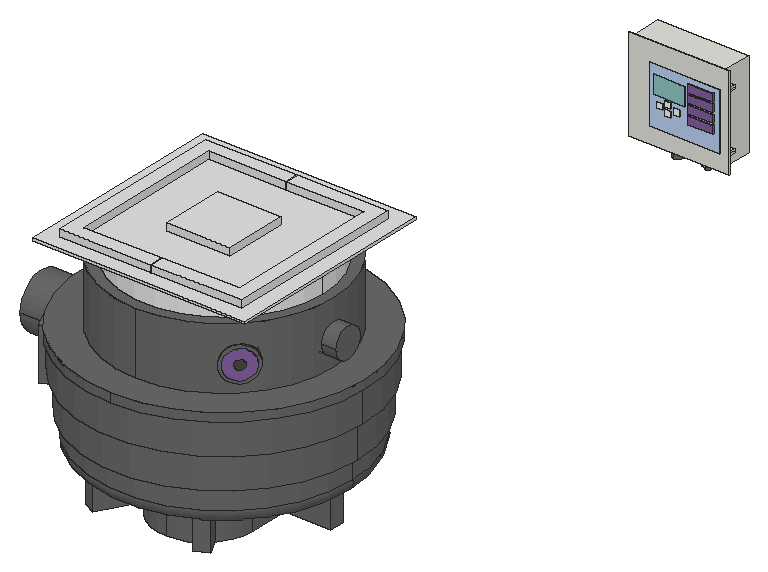
Revit family "28701x_3_70", category Generic Models, Revit 2021
Family settings
  Can host rebar = No
  Round Connector Dimension = Use Diameter
  Part Type = Normal
  Work Plane-Based = No
  Always vertical = Yes
  Cut with Voids When Loaded = No
  Shared = Yes
  Room Calculation Point = No
Parameters (values of type "28701X")
  SUPPLIER = "KESSEL"
  SA700ID48 = "No"
  SA700ID46 = "Yes"
  SA700ID37 = 10000 mm
  SA700ID34 = 11.5
  SA700ID33 = 1.2 W
  SA700ID32 = 36.60 kg
  SA700ID31 = 1
  SA700ID30 = 1
  SA700ID29 = "RWDR"
  SA700ID28 = "durchgehend"
  SA700ID21 = 1000
  SA700ID07 = "100"
  SA460ID03 = "direct"
  SA400ID03 = "e-motor for alternating current"
  SA350ID03 = "normal-priming"
  SA300ID03 = "single-level"
  SA260ID03 = "dry-rotor pump"
  SA250ID03 = "vertical"
  SA200ID03 = "6"
  PROCUREWEBLINK = "https://p.caden.as/kessel/28701X"
  PROCURELINK = "p.caden.as/kessel/28701X"
  PROCUREDATALASTUPDATE = "2024-05-22T12:18:00.399843674+01:00"
  PRC_SPECIFICATIONLINK = "https://ausschreiben.de/catalog/kessel/catalogItem/1a9a51a4-0fbe-4a92-abd2-fa033a59f0c4"
  NN = "Lifting station Aqualift F Compact"
  NBSYN = "$SA810ID03._$IDNR._$L."
  NB = "28701X_3_70"
  Model = "28701X"
  Manufacturer = "KESSEL"
  MIdent = "{$CADENAS_DATA/23d-libs/kessel/new/hebeanlagen/aqualift_f_compact/aqualift_f__compact_asmtab.prj},201 {VTYP=3D},{STYP=ASSTAB},{NB=28701X_3_70},{LINA=28701X},{NN=Lifting station Aqualift F Compact},{DATE=21.12.2022 12:37:25},{GEOMDATE=21.11.2022 10:35:20},{VERSION=},{LINEID=40},{WBVAR=L},{WBNUMERIC=L}  {NB=28701X_3_70},{LINA=28701X},{KT=DUMMY},{PREVIEW=../../bilder/ksb_w_28701x.png},{SA700ID04=Hebeanlage Aqualift F Compact, Mono, SPZ 1000, Bodenpl., befliesbar },{SA810ID06=4026092093382},{LMIN=70.000},{LMAX=180.000},{L=70.000},{SA700ID34=11.50},{SA810ID03=28701X},{SA810ID10=Die Hebeanlage für fäkalienhaltiges und fäkalienfreies Abwasser ist mit einer überflutbaren Pumpe sowie einem Rückflussverhinderer ausgestattet. Der Sammelbehälter aus dauerhaft beständigem Kunststoff (PE) besitzt einen abgeschlossenen Pumpenraum. Einhandverschlüsse ermöglichen die einfache Entnahme der integrierten Komponenten.Die Steuerung erfolgt durch ein anwenderfreundliches Schaltgerät, das optional über einen potentialfreien Kontakt in die Gebäudeleittechnik eingebunden werden oder Alarm- und Sammelstörmeldungen über eine GSM-Schnittstelle ausgeben kann.Ausführung:Abdichtungsart: VerbundabdichtungAbsperreinrichtung: ohne SchieberAnlagenart: EinzelanlagePumpensteuerung: SchaltgerätRückflussverhinderer: integriertAuslieferungszustand: vormontiert zur bauseitigen Endmontage (Pumpen und Sensorik sind bauseits zu montieren sowie Schaltgerät ist anzuschließen)Einbausituation: Einbau in die BodenplatteAbwasserart: fäkalienhaltigAllgemeine Merkmale:Farbe: schwarzZulassung: Z-53.2-484Abmessungen:Länge: 670 mmBreite: 590 mmAussparungsmaß Länge: 800 mmAussparungsmaß Breite: 800 mmBehälter/Grundkörper:Zulauf Anzahl: 1 STZulauf Nennweite (DN): 100 mmZulauf Nennweite (DA): 110 mmAbstand Rohrsohle Zulauf zu Behälterboden: 152 mmAbstand Rohrmitte Auslauf zu Behälterboden: 351 mmAbstand Rohrmitte Zulauf zu Behälterboden: 207 mmAnschluss Kabelleerrohr (DN): 50 mmBehältervolumen: 40 lDruckabgang: waagerechtDruckabgang (DA): 40 mmDruckabgang (DN): 32 mmEinbautiefe: 490 - 600 mmEntlüftungsanschluss (DN): 70 mmNutzvolumen: 20 lArt der Höhenverstellbarkeit: teleskopisches AufsatzstückAbdeckungsmerkmale:Abdeckungsart: befliesbare AbdeckplatteAbdeckung Material: KunststoffAblauffunktion: jaBodenbelaghöhe max.: 16 mmLänge: 366 mmBreite: 366 mmVerriegelung: Lock & LiftFördereinrichtung:Pumpe: SPZ 1000Anzahl Pumpen: 1Förderhöhe max.: 10 mFörderleistung max.: 11,5 m3/hBetriebsart: S3 - 50 %Leistung P1: 1,2 kWLeistung P2: 0,69 kWDrehzahl: 2.800 U/minFörderguttemperatur (dauerhaft) max.: 40 °CAnschlusstyp: codierter SteckerGewicht: 10 kgLaufrad Typ: SchneidwerkLänge Netzanschlussleitung Pumpe: 5 mNennstrom: 5,2 ASchutzart Pumpe: IP 68 (3m/48h)Schutzklasse: ITyp Anschlussleitung Pumpe: H07RN-F 3G 1,0 mm2Temperaturüberwachung: integriertSteuerung:Schaltgerät: ComfortBetriebsspannung: 230 VNetzfrequenz: 50 HzSelbstdiagnosesystem (SDS): jaBatteriepufferung: jaMehrzeilige Displayanzeige: jaLogbuchfunktion: jaUSB-Schnittstelle: jaGSM-Schnittstelle: jaPotentialfreier Kontakt: optionalErforderliche Absicherung (Leitungsschutz): C 16 ASchutzart Schaltgerät: IP 54Länge Netzanschlussleitung Schaltgerät: 1,4 mArt Niveauerfassung: pneumatischInstrument Niveauerfassung: TauchrohrAlarmgeber: optische Sonde},{SA700ID37=10.00},{SA700ID33=1.20},{SA700ID08=230},{SA700ID30=1},{SA700ID32=36.60},{SA700ID49=1},{SA200ID03=6},{SA250ID03=vertikal},{SA260ID03=Trockenläuferpumpe},{SA350ID03=normalansaugend},{SA400ID03=E-Motor für Wechselstrom},{SA460ID03=direkt},{SA500ID03=Kunststoff, Edelstahl},{SA700ID06=DN32, DA40},{SA700ID07=100},{SA700ID09=1/N/PE 230V },{SA700ID10=nein},{SA700ID11=50},{SA700ID12=IP 68},{SA700ID13=F},{SA700ID15=40},{SA700ID21=1000.00},{SA700ID22=0.69},{SA700ID23=2800},{SA700ID26=5},{SA700ID28=durchgehend},{SA700ID29=RWDR},{SA700ID31=1},{SA700ID46=Ja},{SA700ID48=Nein},{SA010ID04=KESSEL AG},{SA110ID04=Hebeanlage Aqualift F Compact},{SA300ID03=einstufig},{SA700ID44=10.00},{SA700ID45=10.00},{IDNR=3},{TOC=Type_4},{ORDERNO=ORDERNO},{CODE=1.000},{PPATH=aqualift_f_compact_asmtpl.prj},{LINK=https://www.kessel.de/info?han=28701X },{LINK_=https://www.kessel.de/info?han=28701X },{LINK_DEU=https://www.kessel.de/info?han=28701X },{SA960ID03=9},{SA960ID04=3L},{SA960ID08=https://www.kessel.de/info?han=28701X },{SA010ID01=010},{SA010ID02=4},{SA010ID06=www.kessel.de},{SA010ID08=4026092000007},{SA100ID01=100},{SA100ID02=4},{SA100ID04=Entwässerung},{SA100ID06=Hebeanlagen},{SA110ID01=110},{SA110ID02=220},{SA110ID05=Aqualift F Compact},{SA110ID06=Hebeanlage},{SA740ID01=740},{SA740ID02=1},{SA200ID01=200},{SA200ID02=6},{SA250ID01=250},{SA250ID02=2},{SA260ID01=260},{SA260ID02=2},{SA300ID01=300},{SA300ID02=1},{SA350ID01=350},{SA350ID02=1},{SA400ID01=400},{SA400ID02=1},{SA460ID01=460},{SA460ID02=1},{SA500ID01=500},{SA500ID02=4},{SA700ID01=700},{SA700ID02=9},{SA700ID16=0},{SA700ID25=0},{SA700ID46_=1},{SA700ID48_=0},{SA800ID01=800},{SA800ID02=1},{SA810ID01=810},{SA810ID02=9},{SA810ID04=28701X},{SA810ID07=9},{SA810ID14=PCE},{SA810ID15=1},{SA810ID16=NMP}"
  LMIN = 70
  LMAX = 180
  LINK = "https://www.kessel.de/info?han=28701X"
  LINA = "28701X"
  L = 70
  Default Elevation = 0 mm
  CREATOR = "CADENAS GmbH"
  CATALOG = "KESSEL"
  BOMINFO = "LINA"
  ARTICLENO = "NB"
  4.810.00.7 Media- connection number = "9"
  4.810.00.6 GTIN number = "4026092093382"
  4.810.00.4 DATANORM number = "28701X"
  4.810.00.3 Producer order number = "28701X"
  4.710.03.5 Width = 590 mm
  4.710.03.4 Length = 670 mm
  4.710.03.3 Type of dimensions = "2"
  4.710.01.5 Load regulation = "1"
  4.710.01.4 Designation of closed-loop control = "20"
  4.710.01.3 Identifier for closed-loop control = "40"
  4.700.00.9 Voltage = 2475.6994
  4.700.00.8 Nominal connection size on suction side = "DN32, DA40"
  4.700.00.7 Nominal connection size on pressure side = "DN32, DA40"
  4.700.00.4 Product indentification = "Hebeanlage Aqualift F Compact, Mono, SPZ 1000, Bodenpl., befliesbar "
  4.700.00.27 Starting current = 5
  4.700.00.26 Maximum power consumption per pump / drive = 0
  4.700.00.24 Nominal speed / maximum speed n = 46.6667
  4.700.00.23 Nominal speed of motor = 7.4271
  4.700.00.17 Minimum temperature of pumped medium = 0 °C
  4.700.00.16 Maximum temperature of pumped medium = 40 °C
  4.700.00.14 Heat class = "F"
  4.700.00.13 Type of protection = "IP 68"
  4.700.00.12 Frequency = 50
  4.700.00.11 Stern-/Dreieck-Anlaufschaltung bei Dreiphasenanschluss oder Drehstrom = "nein"
  4.700.00.10 Phase = "1/N/PE 230V "
  4.500.00.3 Variant / Variant type / Accessories-name = "Kunststoff, Edelstahl"
  4.110.00.6 Product classification = "Hebeanlage"
  4.110.00.5 Main groups of wares = "Aqualift F Compact"
  4.110.00.4 Product indentification = "Hebeanlage Aqualift F Compact"
  4.100.00.6 Product classification = "Hebeanlagen"
  4.100.00.4 Product indentification = "Entwässerung"
  4.010.00.8 Producer ID number = "4026092000007"
  4.010.00.6 Web address of the manufacturer = "www.kessel.de"
  4.010.00.4 Manufacturer name = "KESSEL AG"
  4.010.00.2 Sheet number of the guideline = "4"
Reference planes
  plane 1 "Center (Front/Back)": y = 0
  plane 2: z = 0
  plane 3 "Center (Left/Right)": x = 0
Forms (mm)
  Extrusion 1, void
    sketch origin (257.7, 0, 351) x (0, 0, -1) y (0, -1, 0)
      loop
        line (-0.5, -0.5) -> (0.5, -0.5) -> (0.5, 0.5) -> (-0.5, 0.5) -> (-0.5, -0.5)
    from 0 to 1
  Extrusion 2, void
    sketch origin (0, 0, 0) x (1, 0, 0) y (0, 1, 0)
      loop
        line (-0.5, -0.5) -> (0.5, -0.5) -> (0.5, 0.5) -> (-0.5, 0.5) -> (-0.5, -0.5)
    from 0 to 1
  Extrusion 3, void
    sketch origin (-281.018, 118.476, 222.5) x (-0.422618, -0.906308, 0) y (0, 0, -1)
      loop
        line (-0.5, -0.5) -> (0.5, -0.5) -> (0.5, 0.5) -> (-0.5, 0.5) -> (-0.5, -0.5)
    from 0 to 1
Dimensions and locks
  locked: plane 2 to Extrusion 1 at 350.5
  locked: plane 2 to Extrusion 1 at 351.5
  locked: plane 2 to Extrusion 2 at 1
  locked: plane 2 to Extrusion 2
  locked: plane 2 to Extrusion 3 at 222
  locked: plane 2 to Extrusion 3 at 223
  aligned and locked: level to plane 2
Nested families
  nested 1: "28701x_3_70_content" at (0, 0, 0), type "28701X_3_70_Content"
  nested 2: "28701x_3_70__body_X0Y0" at (0, 0, 0), type "28701X_X0Y0"
  nested 3: "type_4_4_X0Y0" at (1000, 0, 1000), type "Type_4_4_X0Y0"
Connectors
  piping at (-380, 0, 207), diameter 100
    settings: on nested 2, index 1, connector inside diameter 609.6 mm, connector length 0 mm, flow factor 0, pipe flow 0.0 L/s, pressure drop 0.0 Pa, fitting loss kfactor 0, connector angle 0.00°, fixture units 0, engagement length 0 mm, angle of deflection 0.00°, flow configuration 0, flow direction 1, fitting loss method 2, system type 29, joint type 0, gender type 0, connector reference index -1, connector utility 0, adjustable connector no, is connector primary yes, connector description ""
  piping at (257.7, 0, 351), diameter 32
    settings: on Extrusion 1, index 2, connector inside diameter 609.6 mm, connector length 0 mm, flow factor 0, pipe flow 0.0 L/s, pressure drop 0.0 Pa, fitting loss kfactor 0, connector angle 0.00°, fixture units 0, engagement length 0 mm, angle of deflection 0.00°, flow configuration 0, flow direction 2, fitting loss method 2, system type 29, joint type 0, gender type 0, connector reference index -1, connector utility 0, adjustable connector no, is connector primary no, connector description ""
  electrical at (0, 0, 0)
    settings: on Extrusion 2, index 3, voltage 0 V, apparent load 0 VA, apparent load phase1 0 VA, apparent load phase2 0 VA, apparent load phase3 0 VA, power factor 1, load classification "Other", number of poles 1, system type 31, power factor state 1, is connector primary yes, connector utility no, sub classification motor no, connector description ""
  electrical at (167.231, -167.231, 351)
    settings: on nested 2, index 4, voltage 0 V, apparent load 0 VA, apparent load phase1 0 VA, apparent load phase2 0 VA, apparent load phase3 0 VA, power factor 1, load classification "Other", number of poles 1, system type 31, power factor state 1, is connector primary no, connector utility no, sub classification motor no, connector description ""
  electrical at (-281.018, 118.476, 222.5)
    settings: on Extrusion 3, index 5, voltage 0 V, apparent load 0 VA, apparent load phase1 0 VA, apparent load phase2 0 VA, apparent load phase3 0 VA, power factor 1, load classification "Other", number of poles 1, system type 31, power factor state 1, is connector primary no, connector utility no, sub classification motor no, connector description ""
  electrical at (936.5, -27.5, 966.5)
    settings: on nested 3, index 6, voltage 230 V, apparent load 0 VA, apparent load phase1 0 VA, apparent load phase2 0 VA, apparent load phase3 0 VA, power factor 1, load classification "Other", number of poles 3, system type 31, power factor state 1, is connector primary no, connector utility no, sub classification motor no, connector description ""
Definition of nested family "28701x_3_70__body_X0Y0"
  Parameters (values of type "28701X_X0Y0")
    TOC = "Type_4"
    SUPPLIER = "KESSEL"
    SA810ID03 = "28701X"
    NN = "aqualift_f_compact_body__body"
    NBSYN = "$SA810ID03._$IDNR._$L.__body"
    NB = "28701X_3_70__body"
    Model = "28701X"
    Manufacturer = "KESSEL"
    MIdent = "{$CADENAS_DATA/23d-libs/kessel/new/hebeanlagen/aqualift_f_compact/aqualift_f_compact_body.prj},188 {VTYP=3D},{NB=28701X_3_70__body},{LINA=28701X},{NN=aqualift_f_compact_body__body},{DATE=10.11.2022 10:34:08},{GEOMDATE=10.11.2022 10:34:08},{VERSION=},{LINEID=40},{WBVAR=L},{WBNUMERIC=L}  {NB=28701X_3_70__body},{LINA=28701X},{KT=DUMMY},{LMIN=70},{LMAX=180},{L=70},{SA810ID03=28701X},{IDNR=3},{TOC=Type_4},{DNIN=100},{DNOUT=32},{ISD=60},{ISD2=20}"
    LMIN = 70
    LMAX = 180
    LINA = "28701X"
    L = 70
    ISD2 = 20
    ISD = 60
    IDNR = 3
    Default Elevation = 1219.2 mm
    DNOUT = 32
    DNIN = 100
    CREATOR = "CADENAS GmbH"
    CATALOG = "KESSEL"
    BOMINFO = "LINA"
    ARTICLENO = "NB"
  Reference planes
    plane 1 "Center (Front/Back)": y = 0
    plane 2: z = 0
    plane 3 "Center (Left/Right)": x = 0
  Dimensions and locks
    aligned and locked: level to plane 2
  Nested families
    nested 1: "28701x_3_70__body_content" at (0, 0, 0), type "28701X_3_70__body_Content"
  Definition of nested family "28701x_3_70__body_content"
    Parameters (values of type "28701X_3_70__body_Content")
      TOC = "Type_4"
      SUPPLIER = "KESSEL"
      SA810ID03 = "28701X"
      NN = "aqualift_f_compact_body__body"
      NBSYN = "$SA810ID03._$IDNR._$L.__body"
      NB = "28701X_3_70__body"
      Model = "28701X"
      Manufacturer = "KESSEL"
      LMIN = 70
      LMAX = 180
      LINA = "28701X"
      L = 70
      ISD2 = 20
      ISD = 60
      IDNR = 3
      Default Elevation = 1219.2 mm
      DNOUT = 32
      DNIN = 100
      CREATOR = "CADENAS GmbH"
      CATALOG = "KESSEL"
      BOMINFO = "LINA"
      ARTICLENO = "NB"
    Reference planes
      plane 1 "Center (Front/Back)": y = 0
      plane 2: z = 0
      plane 3 "Center (Left/Right)": x = 0
    Forms (mm)
      Extrusion 1, solid, detail levels medium+fine
        sketch origin (-272.811, -55.821, 168) x (0.424537, -0.905411, 0) y (0, 0, 1)
          loop
            line (0, 109) -> (0, 0) -> (107, 0) -> (107, 109) -> (0, 109)
        from 0 to 30
      Extrusion 2, solid, detail levels medium+fine
        sketch origin (-270, 68, 168) x (0, -1, 0) y (0, 0, 1)
          loop
            line (0, 109) -> (0, 0) -> (137, 0) -> (137, 109) -> (0, 109)
        from 0 to 30
      Extrusion 3, solid, detail levels medium+fine
        sketch origin (-250, 0, 203.7) x (0, -1, 0) y (0, 0, 1)
          loop
            circle (0, 0) r 70
        from 0 to 50
      Extrusion 4, solid, detail levels medium+fine
        sketch origin (-300, 0, 207) x (0, -1, 0) y (0, 0, 1)
          loop
            circle (0, 0) r 56.25
        from 0 to 80
      Extrusion 5, solid, detail levels medium+fine
        sketch origin (-227.6, 152.8, 168) x (-0.422885, -0.906183, 0) y (0, 0, 1)
          loop
            line (0, 109) -> (0, 0) -> (107, 0) -> (107, 109) -> (0, 109)
        from 0 to 30
      Extrusion 6, solid, detail levels medium+fine
        sketch origin (-277.392, 116.785, 222.5) x (-0.422618, -0.906308, 0) y (0, 0, 1)
          loop
            circle (0, 0) r 52
        from 0 to 4
      Revolve 7, solid, detail levels medium+fine
        sketch origin (0, 0, 0) x (1, 0, 0) y (0, 0, -1)
          loop
            line (0, -66) -> (0, -10) -> (-70.13, -10) -> (-249.445, -69.479)
            arc (-249.445, -69.479) -> (-264.324, -80.394) -> (-270, -97.953) r 30
            line (-270, -97.953) -> (-270, -137.002) -> (-280, -139.678) -> (-280, -207.002) -> (-290, -209.678) -> (-290, -277) -> (-200, -277) -> (-200, -66) -> (0, -66)
          axis (0, -10) -> (0, -277)
        angle from -360 to 0
      Extrusion 8, void, detail levels medium+fine
        sketch origin (-177.698, 70.298, 222.5) x (-0.422618, -0.906308, 0) y (0, 0, 1)
          loop
            circle (0, 0) r 37
        from 0 to 115
      Extrusion 9, solid, detail levels medium+fine
        sketch origin (0, 0, 277) x (0, 1, 0) y (-1, 0, 0)
          loop
            circle (0, 0) r 295
        from 0 to 18
      Extrusion 10, solid, detail levels medium+fine
        sketch origin (0, 0, 295) x (0, 1, 0) y (-1, 0, 0)
          loop
            circle (0, 0) r 230
        from 0 to 130
      Extrusion 11, solid, detail levels medium+fine
        sketch origin (0, 0, 400) x (1, 0, 0) y (0, 1, 0)
          loop
            circle (0, 0) r 207
        from 0 to 70
      Extrusion 12, solid, detail levels medium+fine
        sketch origin (0, 0, 470) x (1, 0, 0) y (0, 1, 0)
          loop
            line (-222, -222) -> (222, -222) -> (222, 222) -> (-222, 222) -> (-222, -222)
        from 0 to 5
      Extrusion 13, solid, detail levels medium+fine
        sketch origin (0, 0, 475) x (1, 0, 0) y (0, 1, 0)
          loop
            line (-190, -190) -> (0, -190) -> (0, -162) -> (-162, -162) -> (-162, 162) -> (0, 162) -> (0, 190) -> (-190, 190) -> (-190, -190)
        from 0 to 15
      Extrusion 14, solid, detail levels medium+fine
        sketch origin (0, 0, 475) x (1, 0, 0) y (0, 1, 0)
          loop
            line (0, -162) -> (0, -190) -> (190, -190) -> (190, 190) -> (0, 190) -> (0, 162) -> (162, 162) -> (162, -162) -> (0, -162)
        from 0 to 15
      Extrusion 15, solid, detail levels medium+fine
        sketch origin (0, 0, 475) x (1, 0, 0) y (0, 1, 0)
          loop
            line (-66.1, -66.1) -> (66.1, -66.1) -> (66.1, 66.1) -> (-66.1, 66.1) -> (-66.1, -66.1)
        from 0 to 14.95
      Extrusion 16, solid, detail levels medium+fine
        sketch origin (0, 0, 351) x (0.707107, 0.707107, 0) y (0, 0, 1)
          loop
            circle (0, 0) r 36.5
        from 0 to 235
      Extrusion 17, solid, detail levels medium+fine
        sketch origin (166.17, -166.17, 351) x (0.707107, 0.707107, 0) y (0, 0, 1)
          loop
            circle (0, 0) r 30
        from 0 to 1.5
      Extrusion 18, solid, detail levels medium+fine
        sketch origin (166.17, -166.17, 351) x (0.707107, 0.707107, 0) y (0, 0, 1)
          loop
            circle (0, 0) r 10
        from 0 to 1.55
      Extrusion 19, solid, detail levels medium+fine
        sketch origin (0, 0, 351) x (0, 1, 0) y (0, 0, 1)
          loop
            circle (0, 0) r 31
        from 0 to 259.1
      Extrusion 20, solid, detail levels medium+fine
        sketch origin (-235.25, -15, 0) x (0, 1, 0) y (0, 0, 1)
          loop
            line (0, 66.7) -> (0, 0) -> (30, 0) -> (30, 66.7) -> (0, 66.7)
        from 0 to 470.5
      Extrusion 21, solid, detail levels medium+fine
        sketch origin (130.615, -196.232, 0) x (-0.866025, -0.5, 0) y (0, 0, 1)
          loop
            line (0, 66.7) -> (0, 0) -> (30, 0) -> (30, 66.7) -> (0, 66.7)
        from 0 to 470.5
      Extrusion 22, solid, detail levels medium+fine
        sketch origin (-104.635, -211.232, 0) x (-0.866025, 0.5, 0) y (0, 0, 1)
          loop
            line (0, 66.7) -> (0, 0) -> (30, 0) -> (30, 66.7) -> (0, 66.7)
        from 0 to 470.5
      Extrusion 23, solid, detail levels medium+fine
        sketch origin (139, 100, 0) x (0, -1, 0) y (0, 0, 1)
          loop
            line (0, 66.7) -> (0, 0) -> (200, 0) -> (200, 66.7) -> (0, 66.7)
        from 0 to 198
      Extrusion 24, solid, detail levels medium+fine
        sketch origin (40, 100, 0) x (0, 1, 0) y (-1, 0, 0)
          loop
            circle (0, 0) r 99
        from 0 to 66.7
      Extrusion 25, solid, detail levels medium+fine
        sketch origin (40, -100, 0) x (0, 1, 0) y (-1, 0, 0)
          loop
            circle (0, 0) r 99
        from 0 to 66.7
      Extrusion 26, solid, detail levels coarse
        sketch origin (-42.5, 0, 0) x (1, 0, 0) y (0, 1, 0)
          loop
            line (-337.5, -295) -> (337.5, -295) -> (337.5, 295) -> (-337.5, 295) -> (-337.5, -295)
        from 0 to 490
    Cuts and joins
      Extrusion 8 cuts Extrusion 1
      Extrusion 8 cuts Extrusion 2
      Extrusion 8 cuts Extrusion 3
      Extrusion 8 cuts Extrusion 4
      Extrusion 8 cuts Extrusion 5
      Extrusion 8 cuts Extrusion 6
      Extrusion 8 cuts Revolve 7
    Dimensions and locks
      aligned and locked: level to plane 2
Definition of nested family "type_4_4_X0Y0"
  Parameters (values of type "Type_4_4_X0Y0")
    TOC = "Type_4"
    SUPPLIER = "KESSEL"
    NN = "Controller"
    NBSYN = "$TOC._$IDNR."
    NB = "Type_4_4"
    Model = "Type_4_4"
    Manufacturer = "KESSEL"
    MIdent = "{$CADENAS_DATA/23d-libs/kessel/new/controllers/controllers.prj},160 {VTYP=3D},{NB=Type_4_4},{LINA=Type_4_4},{NN=Controller},{DATE=09.11.2022 09:38:12},{GEOMDATE=30.10.2022 06:14:50},{VERSION=},{LINEID=50},{WBVAR=},{WBNUMERIC=}  {NB=Type_4_4},{LINA=Type_4_4},{KT=DUMMY},{PREVIEW=},{TOC=Type_4},{IDNR=4},{SA810ID03=MIN}"
    LINA = "Type_4_4"
    Default Elevation = 1219.2 mm
    CREATOR = "CADENAS GmbH"
    CATALOG = "KESSEL"
    BOMINFO = "LINA"
    ARTICLENO = "NB"
  Reference planes
    plane 1 "Center (Front/Back)": y = 0
    plane 2: z = 0
    plane 3 "Center (Left/Right)": x = 0
  Dimensions and locks
    aligned and locked: level to plane 2
  Nested families
    nested 1: "type_4_4_content" at (0, 0, 0), type "Type_4_4_Content"
  Definition of nested family "type_4_4_content"
    Parameters (values of type "Type_4_4_Content")
      TOC = "Type_4"
      SUPPLIER = "KESSEL"
      NN = "Controller"
      NBSYN = "$TOC._$IDNR."
      NB = "Type_4_4"
      Model = "Type_4_4"
      Manufacturer = "KESSEL"
      LINA = "Type_4_4"
      Default Elevation = 1219.2 mm
      CREATOR = "CADENAS GmbH"
      CATALOG = "KESSEL"
      BOMINFO = "LINA"
      ARTICLENO = "NB"
    Reference planes
      plane 1 "Center (Front/Back)": y = 0
      plane 2: z = 0
      plane 3 "Center (Left/Right)": x = 0
    Forms (mm)
      Extrusion 1, solid, detail levels medium+fine
        sketch origin (94.5, 0, 0) x (0, -1, 0) y (0, 0, 1)
          loop
            line (0, 181) -> (0, 0) -> (66, 0) -> (66, 181) -> (0, 181)
        from 0 to 189
      Extrusion 2, solid, detail levels medium+fine
        sketch origin (108.5, -66, -7) x (0, -1, 0) y (0, 0, 1)
          loop
            line (0, 194) -> (0, 0) -> (2, 0) -> (2, 194) -> (0, 194)
        from 0 to 208
      Extrusion 3, solid, detail levels medium+fine
        sketch origin (90, -68, 26.5) x (0, -1, 0) y (0, 0, 1)
          loop
            line (-1.75, 120) -> (-1.75, 0) -> (0.25, 0) -> (0.25, 120) -> (-1.75, 120)
        from 0 to 146
      Extrusion 4, solid, detail levels medium+fine
        sketch origin (5.5, -68.25, 66) x (0, -1, 0) y (0, 0, 1)
          loop
            line (-1, 12) -> (-1, 0) -> (0.5, 0) -> (0.5, 12) -> (-1, 12)
        from 0 to 12
      Extrusion 5, solid, detail levels medium+fine
        sketch origin (76.25, -68.25, 79) x (0, -1, 0) y (0, 0, 1)
          loop
            line (0, 16) -> (0, 0) -> (1.75, 0) -> (1.75, 16) -> (0, 16)
        from 0 to 51
      Extrusion 6, solid, detail levels medium+fine
        sketch origin (-11.75, -68.25, 74) x (0, -1, 0) y (0, 0, 1)
          loop
            line (-1, 12) -> (-1, 0) -> (0.5, 0) -> (0.5, 12) -> (-1, 12)
        from 0 to 12
      Extrusion 7, solid, detail levels medium+fine
        sketch origin (76.25, -68.25, 59) x (0, -1, 0) y (0, 0, 1)
          loop
            line (0, 16) -> (0, 0) -> (1.75, 0) -> (1.75, 16) -> (0, 16)
        from 0 to 51
      Extrusion 8, solid, detail levels medium+fine
        sketch origin (17.4, -68.25, 89.5) x (0, -1, 0) y (0, 0, 1)
          loop
            line (-1, 37) -> (-1, 0) -> (0.5, 0) -> (0.5, 37) -> (-1, 37)
        from 0 to 66
      Extrusion 9, solid, detail levels medium+fine
        sketch origin (76.25, -68.25, 99) x (0, -1, 0) y (0, 0, 1)
          loop
            line (0, 16) -> (0, 0) -> (1.75, 0) -> (1.75, 16) -> (0, 16)
        from 0 to 51
      Extrusion 10, solid, detail levels medium+fine
        sketch origin (-11.75, -68.25, 57.5) x (0, -1, 0) y (0, 0, 1)
          loop
            line (-1, 12) -> (-1, 0) -> (0.5, 0) -> (0.5, 12) -> (-1, 12)
        from 0 to 12
      Extrusion 11, solid, detail levels medium+fine
        sketch origin (76.25, -68.25, 119) x (0, -1, 0) y (0, 0, 1)
          loop
            line (0, 16) -> (0, 0) -> (1.75, 0) -> (1.75, 16) -> (0, 16)
        from 0 to 51
      Extrusion 12, solid, detail levels medium+fine
        sketch origin (-29, -68.25, 66) x (0, -1, 0) y (0, 0, 1)
          loop
            line (-1, 12) -> (-1, 0) -> (0.5, 0) -> (0.5, 12) -> (-1, 12)
        from 0 to 12
      Extrusion 13, solid, detail levels medium+fine
        sketch origin (5, -27.5, 0) x (1, 0, 0) y (0, -1, 0)
          loop
            circle (0, 0) r 11
        from 0 to 17.3
      Extrusion 14, solid, detail levels medium+fine
        sketch origin (5, -27.5, -16.3) x (1, 0, 0) y (0, -1, 0)
          loop
            circle (0, 0) r 8.65
        from 0 to 10.8
      Extrusion 15, solid, detail levels medium+fine
        sketch origin (-29, -27.5, 0) x (1, 0, 0) y (0, -1, 0)
          loop
            circle (0, 0) r 11.4
        from 0 to 9
      Extrusion 16, solid, detail levels medium+fine
        sketch origin (-29, -27.5, -9) x (1, 0, 0) y (0, -1, 0)
          loop
            circle (0, 0) r 11.75
        from 0 to 28
      Extrusion 17, solid, detail levels medium+fine
        sketch origin (33, -27.5, 0) x (1, 0, 0) y (0, -1, 0)
          loop
            circle (0, 0) r 11
        from 0 to 11
      Extrusion 18, solid, detail levels medium+fine
        sketch origin (33, -27.5, -11) x (1, 0, 0) y (0, -1, 0)
          loop
            circle (0, 0) r 11
        from 0 to 19.8
      Extrusion 19, solid, detail levels medium+fine
        sketch origin (33, -27.5, -29.8) x (1, 0, 0) y (0, -1, 0)
          loop
            circle (0, 0) r 6
        from 0 to 9
      Extrusion 20, solid, detail levels medium+fine
        sketch origin (106.5, -50, 145) x (0, -1, 0) y (0, 0, 1)
          loop
            line (0, 4) -> (0, 0) -> (16, 0) -> (16, 4) -> (0, 4)
        from 0 to 12
      Extrusion 21, solid, detail levels medium+fine
        sketch origin (106.5, -50, 149) x (0, -1, 0) y (0, 0, 1)
          loop
            line (0, 4) -> (0, 0) -> (12, 0) -> (12, 4) -> (0, 4)
        from 0 to 16
      Extrusion 22, solid, detail levels medium+fine
        sketch origin (106.5, -50, 26) x (0, -1, 0) y (0, 0, 1)
          loop
            line (0, 4) -> (0, 0) -> (16, 0) -> (16, 4) -> (0, 4)
        from 0 to 12
      Extrusion 23, solid, detail levels medium+fine
        sketch origin (106.5, -50, 30) x (0, -1, 0) y (0, 0, 1)
          loop
            line (0, 4) -> (0, 0) -> (12, 0) -> (12, 4) -> (0, 4)
        from 0 to 16
      Extrusion 24, solid, detail levels medium+fine
        sketch origin (-63.5, -27.5, 0) x (1, 0, 0) y (0, -1, 0)
          loop
            circle (0, 0) r 11
        from 0 to 23.5
      Extrusion 25, solid, detail levels medium+fine
        sketch origin (-63.5, -27.5, -23.5) x (1, 0, 0) y (0, -1, 0)
          loop
            circle (0, 0) r 3
        from 0 to 10
      Extrusion 26, void, detail levels medium+fine
        sketch origin (79.5, -27.5, 5) x (1, 0, 0) y (0, -1, 0)
          loop
            circle (0, 0) r 10
        from 0 to 5.8
      Extrusion 27, solid, detail levels coarse
        sketch origin (4.5, -35, -38.8) x (1, 0, 0) y (0, 1, 0)
          loop
            line (-104, -35) -> (104, -35) -> (104, 35) -> (-104, 35) -> (-104, -35)
        from 0 to 225.8
    Cuts and joins
      Extrusion 26 cuts Extrusion 1
      Extrusion 26 cuts Extrusion 2
      Extrusion 26 cuts Extrusion 3
      Extrusion 26 cuts Extrusion 4
      Extrusion 26 cuts Extrusion 5
      Extrusion 26 cuts Extrusion 6
      Extrusion 26 cuts Extrusion 7
      Extrusion 26 cuts Extrusion 8
      Extrusion 26 cuts Extrusion 9
      Extrusion 26 cuts Extrusion 10
      Extrusion 26 cuts Extrusion 11
      Extrusion 26 cuts Extrusion 12
      Extrusion 26 cuts Extrusion 13
      Extrusion 26 cuts Extrusion 14
      Extrusion 26 cuts Extrusion 15
      Extrusion 26 cuts Extrusion 16
      Extrusion 26 cuts Extrusion 17
      Extrusion 26 cuts Extrusion 18
      Extrusion 26 cuts Extrusion 19
      Extrusion 26 cuts Extrusion 20
      Extrusion 26 cuts Extrusion 21
      Extrusion 26 cuts Extrusion 22
      Extrusion 26 cuts Extrusion 23
      Extrusion 26 cuts Extrusion 24
      Extrusion 26 cuts Extrusion 25
    Dimensions and locks
      aligned and locked: level to plane 2
